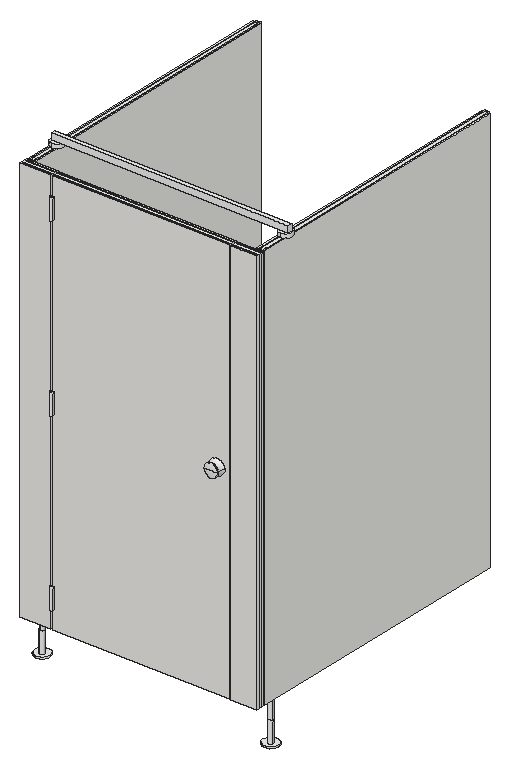
Revit family "Alsanit - Kabiny sanitarne LIFT - Sandwich", category Doors, Revit 2020
Family settings
  Work Plane-Based = No
  Always vertical = Yes
  Cut with Voids When Loaded = No
  Shared = No
  Room Calculation Point = No
Parameters (values of type "36 mm")
  Średnica wspornika górnego = 57.00 mm  # constant formula
  Średnica nóżki 3 = 70.00 mm  # constant formula
  Średnica nóżki 2 = 22.00 mm  # constant formula
  Wysokość profilu [instance] = 430.00 mm  # constant formula
  Wysokość belki wzmacniającej [instance] = if(or(Prawa strona połączona, Lewa strona połączona, Prawa strona przy ścianie, Lewa strona przy ścianie), 2000.00 mm, Wysokość modułu - 30.00 mm)  # 2000.00 mm
  Width = 0.00 mm  # constant formula
  Type Comments = "Kabiny sanitarne (ścianki giszetowe do WC)"
  Thickness = Grubość ścianki  # 36.00 mm
  Szerokość drzwi (max. 1000 mm) [instance] = 800.00 mm
  Rough Width = 0.00 mm  # constant formula
  Rough Height = 0.00 mm  # constant formula
  Prawa podpora belki widoczność [instance] = not(Prawa strona przy ścianie)  # yes
  Prawa belka odsunięcie [instance] = if(Prawa strona zamknięta, 36.00 mm, if(Prawa strona przy ścianie, 43.00 mm, 36.00 mm))  # 36.00 mm
  Podcięcie na geberit - prawe [instance] = no
  Podcięcie na geberit - prawa wartość [instance] = if([Podcięcie na geberit - prawe], Szerokość wewnętrzna modułu / 2 + 50.00 mm, 5.00 mm)  # 5.00 mm
  Podcięcie na geberit - odsunięcie poziome wartość [instance] = if([Podcięcie na geberit - odsunięcie poziome] = 0.00 mm, 5.00 mm, [Podcięcie na geberit - odsunięcie poziome])  # 5.00 mm
  Podcięcie na geberit - odsunięcie poziome [instance] = 0.00 mm
  Podcięcie na geberit - odsunięcie pionowe wartość [instance] = if([Podcięcie na geberit - odsunięcie pionowe] = 0.00 mm, 5.00 mm, [Podcięcie na geberit - odsunięcie pionowe])  # 5.00 mm
  Podcięcie na geberit - odsunięcie pionowe [instance] = 0.00 mm
  Podcięcie na geberit - lewe [instance] = no
  Podcięcie na geberit - lewa wartość [instance] = if([Podcięcie na geberit - lewe], Szerokość wewnętrzna modułu / 2 + 50.00 mm, 5.00 mm)  # 5.00 mm
  Odległość belki [instance] = if(or(Prawa strona połączona, Lewa strona połączona, Prawa strona przy ścianie), 150.00 mm, 150.00 mm)  # 150.00 mm
  Nóżka lewa [instance] = not(or(Lewa strona połączona, Lewa strona przy ścianie))  # yes
  Średnica nóżki 1 = 20.00 mm  # constant formula
  Nózka prawa [instance] = not(Prawa strona przy ścianie)  # yes
  Lewa strona belka odsunięcie [instance] = if(Lewa strona zamknięta, 36.00 mm, if(Lewa strona przy ścianie, 43.00 mm, 0.00 mm))  # 36.00 mm
  Lewa podpora belki widoczność [instance] = and(not(Lewa strona przy ścianie), not(Lewa strona połączona))  # yes
  Krótki opis = "Kabiny sanitarne ALSANIT posiadające oznaczenie CE zgodnie z parametrami systemu"
  Height = 0.00 mm  # constant formula
  Grubość profilu [instance] = 16.00 mm  # constant formula
  Function = Interior
  Film Instruktażowy = "https://youtu.be/qyrI1CfgFO4"
  Define Thermal Properties by = Schematic Type
  Construction Type = "Kabiny sanitarne"
  Belka lift widoczność [instance] = if(and((Lewa strona przy ścianie), (Prawa strona przy ścianie)), 1 = 0, 1 = 1)  # yes
  Analytic Construction = "<None>"
  Akcesoria - wzmocnienie pionowe prawe [instance] = [Odsunięcie prawej ścianki od osi (min. 60 mm)] > 399.00 mm  # no
  Akcesoria - wzmocnienie pionowe lewe [instance] = (Szerokość wewnętrzna modułu - [Szerokość drzwi (max. 1000 mm)] - [Odsunięcie prawej ścianki od osi (min. 60 mm)]) > 400.00 mm  # no
  Wysokość ścianki łączącej [instance] = Wysokość modułu  # 2030.00 mm
  Szerokość zewnętrzna modułu [instance] = 1078.00 mm
  Szerokość wewnętrzna modułu [instance] = 1000.00 mm
  Szerokość obliczona [instance] = if(and(Lewa strona przy ścianie, Prawa strona przy ścianie), Szerokość wewnętrzna modułu - 2 * (Grubość ścianki + 7.00 mm), if(or(Lewa strona przy ścianie, Prawa strona przy ścianie), Szerokość wewnętrzna modułu - Grubość ścianki - 7.00 mm, Szerokość wewnętrzna modułu))  # 1000.00 mm
  Wysokość szczeliny drzwi [instance] = 188.00 mm  # constant formula
  Wysokość modułu [instance] = 2030.00 mm  # constant formula
  Wysokość dolnej szczeliny [instance] = 188.00 mm  # constant formula
  Wysokość belek frontowych bocznych [instance] = 188.00 mm  # constant formula
  URL = "https://www.alsanit.pl/"
  Rodzaj płyt = "SP - Płyta sandwichowa"
  Prawe odsunięcie belki dolnej [instance] = if(Prawa strona przy ścianie, 30.00 mm, 0.00 mm)  # 0.00 mm
  Prawa strona niepołączona [instance] = not(Prawa strona połączona)  # yes
  Prawe odsunięcie belki wzmocnionej [instance] = 0.00 mm  # constant formula
  Model = "LIFT"
  Manufacturer = "Alsanit"
  Lewe odsunięcie belki dolnej [instance] = if(Lewa strona przy ścianie, 30.00 mm, 0.00 mm)  # 0.00 mm
  Lewa strona niepołączona [instance] = not(Lewa strona połączona)  # yes
  Głębokość modułu (max. 1600 mm) [instance] = 1290.00 mm
  Głębokość modułu [instance] = if([Głębokość modułu (max. 1600 mm)] > 1500.00 mm, 1600.00 mm, [Głębokość modułu (max. 1600 mm)])  # 1290.00 mm
  Description = "Kabiny sanitarne to idealna kombinacja trwałości i estetyki w najnowszej cenie. Ze względu na estetyczność zastosowań jest najchętniej kupowanym systemem kabin sanitarnych w Polsce."
  Autor = "www.archispace.pl"
  Orientacja - na zewnątrz [instance] = not([Orientacja - do wewnątrz])  # yes
  Orientacja - do wewnątrz [instance] = no
  Wysokość drzwi [instance] = Wysokość modułu  # 2030.00 mm
  Ścianka łącząca [instance] = not(Prawa strona przy ścianie)  # yes
  Szerokość drzwi [instance] = if([Szerokość drzwi (max. 1000 mm)] > 1000.00 mm, 1000.00 mm, [Szerokość drzwi (max. 1000 mm)])  # 800.00 mm
  Prawe odsunięcie osi [instance] = if(Prawa strona zamknięta, Grubość ścianki / 2 + 3.00 mm, if(Prawa strona przy ścianie, Grubość ścianki / 2 + 7.00 mm, 0.00 mm))  # 21.00 mm
  Prawa strona zamknięta typ = Rodzaj połączenia : Zamknięta
  Prawa strona zamknięta [instance] = [Połączenie - prawa strona] = Prawa strona zamknięta typ  # yes
  Prawa strona przy ścianie typ = Rodzaj połączenia : Przy ścianie
  Prawa strona przy ścianie [instance] = [Połączenie - prawa strona] = Prawa strona przy ścianie typ  # no
  Prawa strona połączona typ = Rodzaj połączenia : Połączona
  Prawa strona połączona [instance] = [Połączenie - prawa strona] = Prawa strona połączona typ  # no
  Prawe odsunięcie osi panelu [instance] = if(Prawa strona przy ścianie, 10.00 mm, if(Prawa strona połączona, 0.00 mm, 3.00 mm))  # 3.00 mm
  Odsunięcie prawej ścianki od osi (min. 60 mm) [instance] = 100.00 mm
  Połączenie - prawa strona [instance] = Rodzaj połączenia : Zamknięta
  Orientacja - odbij lustrzanie [instance] = no
  Materiał płyt = Alsanit - SANDWICH - Biały 9016
  Materiał okuć = Alsanit - Aluminium
  Materiał wsporników = Alsanit - Aluminium
  Materiał belek = Alsanit - Aluminium
  Lewe odsunięcie osi panelu [instance] = if(Lewa strona przy ścianie, 10.00 mm, if(Lewa strona połączona, 0.00 mm, 3.00 mm))  # 3.00 mm
  Lewe odsunięcie osi [instance] = if(Lewa strona zamknięta, Grubość ścianki / 2 + 3.00 mm, if(Lewa strona przy ścianie, Grubość ścianki / 2 + 7.00 mm, 0.00 mm))  # 21.00 mm
  Lewa strona zamknięta typ = Rodzaj połączenia : Zamknięta
  Lewa strona zamknięta [instance] = [Połączenie - lewa strona] = Lewa strona zamknięta typ  # yes
  Lewa strona przy ścianie typ = Rodzaj połączenia : Przy ścianie
  Lewa strona przy ścianie [instance] = [Połączenie - lewa strona] = Lewa strona przy ścianie typ  # no
  Lewa strona połączona typ = Rodzaj połączenia : Połączona
  Lewa strona połączona [instance] = [Połączenie - lewa strona] = Lewa strona połączona typ  # no
  Odsunięcie lewej ścianki od osi (min. 60 mm) [instance] = 122.00 mm
  Połączenie - lewa strona [instance] = Rodzaj połączenia : Zamknięta
  Grubość ścianki = 36.00 mm
  Default Elevation = 0.00 mm
  Orientacja - bez odbicia [instance] = not([Orientacja - odbij lustrzanie])  # yes
Reference planes
  plane 1 "Center (Front/Back)": y = 0
  plane 2: z = 0
  plane 3 "Center (Left/Right)": x = 0
  plane 4: x = -500
  plane 5: x = 500
  plane 6: x = 518
  plane 7: x = 536
  plane 8: x = -518
  plane 9: x = -536
  plane 10: y = -1290
  plane 11: y = -1326
  plane 12: y = -10
  plane 13: y = -1284
  plane 14: y = -1308
  plane 15 "Lewa oś wstawienia": x = -539
  plane 16 "Prawa oś wstawienia": x = 539
  plane 17: y = -1224.5
  plane 18: x = 418
  plane 19: x = 411
  plane 20: x = -389
  plane 21: x = -396
  plane 22 "Prawe odsunięcie osi panelu": x = 536
  plane 23 "Lewe odsunięcie osi panelu": x = -536
  plane 24: x = 11
  plane 25: x = -412.5
  plane 26: x = 434.5
  plane 27: z = 188
  plane 28 "Wysokość modułu": z = 2030
  plane 29 "Odsunięcie górne ścianek frontowych": z = 2030
  plane 30: y = -1288.5
  plane 31: x = -539
  plane 32: x = 539
  plane 33: z = 100
  plane 34: z = 243.5
  plane 35: z = 2000
  plane 36: z = 188
  plane 37: x = -539
  plane 38: x = 539
  plane 39: z = 188
  plane 40: z = 2030
  plane 41: z = 2000
  plane 42: z = 2030
  plane 43: z = 2030
  plane 44: z = 2030
  plane 45: z = 2030
  plane 46: x = 608
  plane 47: x = -586
  plane 48: z = 2035
  plane 49: z = 2030
  plane 50: z = 2000
  plane 51: z = 2000
  plane 52: z = 2000
  plane 53: z = 2000
  plane 54: x = -604
  plane 55: x = -568
  plane 56: x = 590
  plane 57: x = 626
  plane 58: x = -5
  plane 59: x = 5
  plane 60: z = 5
  plane 61: y = -5
  plane 62: z = 5
  plane 63: y = -5
  plane 64: y = -1140
  plane 65: z = 5
  plane 66: z = 2505
  plane 67: x = -536
  plane 68: x = 536
  plane 69: z = 2602
  plane 70: z = 2000
  plane 71: y = -1317
  plane 72: y = -1299
  plane 73: x = -527
  plane 74: x = -509
  plane 75: x = 509
  plane 76: x = 527
  plane 77: z = 2218
  plane 78: z = 2223
  plane 79: z = 2035
  plane 80: z = 2030
  plane 81: z = 2045
  plane 82: y = -1147
Forms (mm)
  Sweep 1, solid, material "Alsanit - SANDWICH - Biały 9016" <- "Materiał płyt", visible <- "Ścianka łącząca"
    path origin (0, 0, 0) x (1, 0, 0) y (0, 0, 1)
      loop
        line (518, 188) -> (518, 2030)
    profile origin (518, 0, 1109) x (-1, 0, 0) y (0, -1, 0)
      loop
        line (18, 10) -> (18, 1284) -> (9, 1284) -> (9, 10) -> (18, 10)
  Sweep 2, solid, material "Alsanit - SANDWICH - Biały 9016" <- "Materiał płyt", visible <- "Lewa strona zamknięta"
    path origin (0, 0, 0) x (-1, 0, 0) y (0, 0, 1)
      loop
        line (518, 188) -> (518, 2030)
    profile origin (-518, 0, 1109) x (-1, 0, 0) y (0, -1, 0)
      loop
        line (9, 10) -> (18, 10) -> (18, 1284) -> (9, 1284) -> (9, 10)
  Sweep 3, solid, material "Alsanit - Aluminium" <- "Materiał belek", visible <- "Ścianka łącząca", detail levels medium+fine
    path origin (0, 0, 0) x (1, 0, 0) y (0, 0, 1)
      loop
        line (518, 2030) -> (518, 188)
    profile "U-profile : U-profile wall" origin (518, 0, 1109) x (1, 0, 0) y (0, -1, 0)
      loop
        line (9.5, 0) -> (9.5, 30) -> (8, 30) -> (8, 1.5) -> (-8, 1.5) -> (-8, 30) -> (-9.5, 30) -> (-9.5, 0) -> (9.5, 0)
  Sweep 4, solid, material "Alsanit - Aluminium" <- "Materiał belek", visible <- "Lewa strona zamknięta", detail levels medium+fine
    path origin (0, 0, 0) x (-1, 0, 0) y (0, 0, 1)
      loop
        line (518, 2030) -> (518, 188)
    profile "U-profile : U-profile wall" origin (-518, 0, 1109) x (1, 0, 0) y (0, -1, 0)
      loop
        line (9.5, 0) -> (9.5, 30) -> (8, 30) -> (8, 1.5) -> (-8, 1.5) -> (-8, 30) -> (-9.5, 30) -> (-9.5, 0) -> (9.5, 0)
  Sweep 5, solid, material "Alsanit - Aluminium" <- "Materiał belek", visible <- "Lewa strona zamknięta", detail levels medium+fine
    path origin (673.537, -1290, 1200) x (1, 0, 0) y (0, 0, 1)
      loop
        line (-1191.537, 830) -> (-1191.537, -1012)
    profile "U-profile : U-profile wall" origin (-518, -1290, 1109) x (1, 0, 0) y (0, -1, 0)
      loop
        line (-9.5, 0) -> (-9.5, -30) -> (-8, -30) -> (-8, -1.5) -> (8, -1.5) -> (8, -30) -> (9.5, -30) -> (9.5, 0) -> (-9.5, 0)
  Sweep 6, solid, material "Alsanit - Aluminium" <- "Materiał belek", visible <- "Ścianka łącząca", detail levels medium+fine
    path origin (673.537, -1290, 1200) x (1, 0, 0) y (0, 0, 1)
      loop
        line (-155.537, 830) -> (-155.537, -1012)
    profile "U-profile : U-profile wall" origin (518, -1290, 1109) x (1, 0, 0) y (0, -1, 0)
      loop
        line (-9.5, 0) -> (-9.5, -30) -> (-8, -30) -> (-8, -1.5) -> (8, -1.5) -> (8, -30) -> (9.5, -30) -> (9.5, 0) -> (-9.5, 0)
  Extrusion 7, solid, material "Alsanit - SANDWICH - Biały 9016" <- "Materiał płyt", detail levels medium+fine
    sketch origin (0, 0, 0) x (1, 0, 0) y (0, 1, 0)
      loop
        line (-396, -1326) -> (-396, -1317) -> (-536, -1317) -> (-536, -1326) -> (-396, -1326)
    from 188 to 2030
  Extrusion 8, solid, material "Alsanit - SANDWICH - Biały 9016" <- "Materiał płyt", detail levels medium+fine
    sketch origin (0, 0, 0) x (-1, 0, 0) y (0, -1, 0)
      loop
        line (-536, 1326) -> (-536, 1317) -> (-418, 1317) -> (-418, 1326) -> (-536, 1326)
    from 188 to 2030
  Sweep 9, solid, material "Alsanit - Aluminium" <- "Materiał belek", visible <- "Lewa strona przy ścianie", detail levels medium+fine
    path origin (-771.956, -1308, 1200) x (-1, 0, 0) y (0, 0, 1)
      loop
        line (-232.956, -1012) -> (-232.956, 800)
    profile "U-profile : U-profile wall" origin (-539, -1308, 1094) x (1, 0, 0) y (0, 1, 0)
      loop
        line (0, -9.5) -> (30, -9.5) -> (30, -8) -> (1.5, -8) -> (1.5, 8) -> (30, 8) -> (30, 9.5) -> (0, 9.5) -> (0, -9.5)
  Sweep 10, solid, material "Alsanit - Aluminium" <- "Materiał belek", visible <- "Prawa strona przy ścianie", detail levels medium+fine
    path origin (771.956, -1308, 1200) x (1, 0, 0) y (0, 0, -1)
      loop
        line (-232.956, 1012) -> (-232.956, -830)
    profile "U-profile : U-profile wall" origin (539, -1308, 1109) x (1, 0, 0) y (0, 1, 0)
      loop
        line (0, 9.5) -> (-30, 9.5) -> (-30, 8) -> (-1.5, 8) -> (-1.5, -8) -> (-30, -8) -> (-30, -9.5) -> (0, -9.5) -> (0, 9.5)
  Extrusion 11, solid, material "Alsanit - SANDWICH - Biały 9016" <- "Materiał płyt", detail levels coarse
    sketch origin (0, 0, 0) x (1, 0, 0) y (0, 1, 0)
      loop
        line (-539, -1290) -> (-539, -1326) -> (539, -1326) -> (539, -1290) -> (-539, -1290)
    from 188 to 2030
  Sweep 12, solid, material "Alsanit - Aluminium" <- "Materiał belek", not visible, detail levels medium+fine
    path origin (-771.956, -1308, 4200) x (-1, 0, 0) y (0, 0, 1)
      loop
        line (-232.956, -2170) -> (-1310.956, -2170)
    profile "U-profile : U-profile wall" origin (0, -1308, 2030) x (0, 0, -1) y (0, 1, 0)
      loop
        line (0, -9.5) -> (30, -9.5) -> (30, -8) -> (1.5, -8) -> (1.5, 8) -> (30, 8) -> (30, 9.5) -> (0, 9.5) -> (0, -9.5)
  Sweep 13, solid, material "Alsanit - SANDWICH - Biały 9016" <- "Materiał płyt", visible <- "Akcesoria - wzmocnienie pionowe prawe", detail levels medium+fine
    path origin (-771.956, -1308, 1200) x (-1, 0, 0) y (0, 0, 1)
      loop
        line (-1379.956, -1012) -> (-1379.956, 800)
    profile origin (608, -1308, 1094) x (1, 0, 0) y (0, 1, 0)
      loop
        line (-18, 24) -> (18, 24) -> (18, 119) -> (-18, 119) -> (-18, 24)
  Sweep 14, solid, material "Alsanit - Aluminium" <- "Materiał belek", visible <- "Akcesoria - wzmocnienie pionowe prawe", detail levels medium+fine
    path origin (673.537, -1290, 1200) x (1, 0, 0) y (0, 0, 1)
      loop
        line (-65.537, -1012) -> (-65.537, 800)
    profile "U-profile : U-profile wall" origin (608, -1290, 1094) x (-1, 0, 0) y (0, -1, 0)
      loop
        line (-9.5, 0) -> (-9.5, -30) -> (-8, -30) -> (-8, -1.5) -> (8, -1.5) -> (8, -30) -> (9.5, -30) -> (9.5, 0) -> (-9.5, 0)
  Sweep 15, solid, material "Alsanit - SANDWICH - Biały 9016" <- "Materiał płyt", visible <- "Akcesoria - wzmocnienie pionowe lewe", detail levels medium+fine
    path origin (1162.956, -1308, 1200) x (1, 0, 0) y (0, 0, -1)
      loop
        line (-1748.956, 1012) -> (-1748.956, -800)
    profile origin (-586, -1308, 1094) x (1, 0, 0) y (0, 1, 0)
      loop
        line (18, 24) -> (18, 119) -> (-18, 119) -> (-18, 24) -> (18, 24)
  Sweep 16, solid, material "Alsanit - Aluminium" <- "Materiał belek", visible <- "Akcesoria - wzmocnienie pionowe lewe", detail levels medium+fine
    path origin (673.537, -1290, 1200) x (1, 0, 0) y (0, 0, 1)
      loop
        line (-1259.537, -1012) -> (-1259.537, 800)
    profile "U-profile : U-profile wall" origin (-586, -1290, 1094) x (-1, 0, 0) y (0, -1, 0)
      loop
        line (9.5, 0) -> (-9.5, 0) -> (-9.5, -30) -> (-8, -30) -> (-8, -1.5) -> (8, -1.5) -> (8, -30) -> (9.5, -30) -> (9.5, 0)
  Sweep 17, solid, material "Alsanit - Aluminium" <- "Materiał belek", not visible
    path origin (0, -160, 0) x (1, 0, 0) y (0, 1, 0)
      loop
        line (-539, -1148) -> (539, -1148)
    profile origin (0, -1308, 0) x (0, 1, 0) y (0, 0, 1)
      loop
        line (-18, 2000) -> (-18, 2010.006) -> (18, 2010.006) -> (18, 2000.02) -> (22.963, 2000.02)
        arc (22.963, 2000.02) -> (24.436, 2000.677) -> (24.932, 2002.212) r 1.98
        arc (24.932, 2002.212) -> (26.596, 2020.985) -> (21.301, 2039.072) r 50.788
        arc (21.301, 2039.072) -> (20.681, 2039.452) -> (19.965, 2039.584) r 2
        line (19.965, 2039.584) -> (19.002, 2039.584) -> (19.002, 2038.184) -> (20.303, 2038.184)
        arc (20.303, 2038.184) -> (24.641, 2025.444) -> (25.387, 2012.006) r 49.497
        line (25.387, 2012.006) -> (-17.028, 2012.006) -> (-17.028, 2032.006) -> (-29.863, 2032.006)
        arc (-29.863, 2032.006) -> (-31.103, 2031.576) -> (-31.809, 2030.469) r 2
        arc (-31.809, 2030.469) -> (-33.902, 2016.003) -> (-31.807, 2001.537) r 51.012
        arc (-31.807, 2001.537) -> (-31.101, 2000.431) -> (-29.861, 2000) r 2
        line (-29.861, 2000) -> (-18, 2000)
  Sweep 18, solid, material "Alsanit - SANDWICH - Biały 9016" <- "Materiał płyt", not visible, detail levels medium+fine
    path origin (0, 0, 0) x (1, 0, 0) y (0, 1, 0)
      loop
        line (-389, -1308) -> (411, -1308)
    profile origin (11, -1308, 0) x (0, 1, 0) y (0, 0, 1)
      loop
        line (-9, 2030) -> (-9, 2035) -> (-18, 2035) -> (-18, 2030) -> (-9, 2030)
  Extrusion 19, solid, material "Alsanit - Aluminium" <- "Materiał wsporników", visible <- "Akcesoria - wzmocnienie pionowe lewe"
    sketch origin (-83, 0, 0) x (1, 0, 0) y (0, 1, 0)
      loop
        circle (-503, -1224.5) r 7.5
    from 0 to 188
  Extrusion 20, solid, material "Alsanit - Aluminium" <- "Materiał wsporników", visible <- "Akcesoria - wzmocnienie pionowe prawe"
    sketch origin (1111, 0, 0) x (1, 0, 0) y (0, 1, 0)
      loop
        circle (-503, -1224.5) r 7.5
    from 0 to 188
  Sweep 21, void
    path origin (0, 0, 0) x (1, 0, 0) y (0, 1, 0)
      loop
        line (0, 0) -> (-5, 0)
    profile origin (-2.5, 0, 0) x (0, -1, 0) y (0, 0, 1)
      loop
        line (0, 5) -> (0, 0) -> (5, 0) -> (5, 5) -> (0, 5)
  Sweep 22, void
    path origin (0, 0, 0) x (-1, 0, 0) y (0, -1, 0)
      loop
        line (0, 0) -> (-5, 0)
    profile origin (2.5, 0, 0) x (0, 1, 0) y (0, 0, 1)
      loop
        line (0, 5) -> (-5, 5) -> (-5, 0) -> (0, 0) -> (0, 5)
  Sweep 23, solid, material "Alsanit - Aluminium" <- "Materiał wsporników", visible <- "Nóżka lewa"
    path origin (-771.956, -1308, 1200) x (-1, 0, 0) y (0, 0, 1)
      loop
        line (-253.956, -1012) -> (-253.956, -1100)
    profile origin (-518, -1308, 144) x (0, 1, 0) y (-1, 0, 0)
      loop
        circle (83.5, 0) r 10
  Sweep 24, solid, material "Alsanit - Aluminium" <- "Materiał wsporników", visible <- "Nózka prawa"
    path origin (-771.956, -1308, 1200) x (-1, 0, 0) y (0, 0, 1)
      loop
        line (-1289.956, -1100) -> (-1289.956, -1012)
    profile origin (518, -1308, 144) x (1, 0, 0) y (0, 1, 0)
      loop
        circle (0, 83.5) r 10
  Sweep 25, solid, material "Alsanit - Aluminium" <- "Materiał wsporników", visible <- "Nóżka lewa"
    path origin (-771.956, -1308, 1200) x (-1, 0, 0) y (0, 0, 1)
      loop
        line (-253.956, -1100) -> (-253.956, -1195)
    profile origin (-518, -1308, 52.5) x (0, 1, 0) y (-1, 0, 0)
      loop
        circle (83.5, 0) r 11
  Sweep 26, solid, material "Alsanit - Aluminium" <- "Materiał wsporników", visible <- "Nózka prawa"
    path origin (-771.956, -1308, 1200) x (-1, 0, 0) y (0, 0, 1)
      loop
        line (-1289.956, -1195) -> (-1289.956, -1100)
    profile origin (518, -1308, 52.5) x (1, 0, 0) y (0, 1, 0)
      loop
        circle (0, 83.5) r 11
  Sweep 27, solid, material "Alsanit - Aluminium" <- "Materiał wsporników", visible <- "Nóżka lewa"
    path origin (-771.956, -1308, 1200) x (-1, 0, 0) y (0, 0, 1)
      loop
        line (-253.956, -1200) -> (-253.956, -1195)
    profile origin (-518, -1308, 2.5) x (1, 0, 0) y (0, 1, 0)
      loop
        circle (0, 83.5) r 35
  Sweep 28, solid, material "Alsanit - Aluminium" <- "Materiał wsporników", visible <- "Nózka prawa"
    path origin (-771.956, -1308, 1200) x (-1, 0, 0) y (0, 0, 1)
      loop
        line (-1289.956, -1200) -> (-1289.956, -1195)
    profile origin (518, -1308, 2.5) x (1, 0, 0) y (0, 1, 0)
      loop
        circle (0, 83.5) r 35
  Sweep 29, solid, material "Alsanit - Aluminium" <- "Materiał belek", visible <- "Belka lift widoczność", detail levels medium+fine
    path origin (0, 0, 0) x (1, 0, 0) y (0, 1, 0)
      loop
        line (-536, -1140) -> (536, -1140)
    profile origin (0, -1140, 0) x (0, 1, 0) y (0, 0, 1)
      loop
        line (10, 2045) -> (10, 2075) -> (-10, 2075) -> (-10, 2045) -> (10, 2045)
  Extrusion 30, solid, material "Alsanit - Aluminium" <- "Materiał okuć"
    sketch origin (0, 0, 0) x (1, 0, 0) y (0, 1, 0)
      loop
        line (418, -1317) -> (536, -1317) -> (536, -1299) -> (418, -1299) -> (418, -1317)
    from 188 to 2030
  Extrusion 31, solid, material "Alsanit - SANDWICH - Biały 9016" <- "Materiał płyt"
    sketch origin (0, 0, 0) x (1, 0, 0) y (0, 1, 0)
      loop
        line (418, -1299) -> (536, -1299) -> (536, -1290) -> (418, -1290) -> (418, -1299)
    from 188 to 2030
  Extrusion 32, solid, material "Alsanit - Aluminium" <- "Materiał okuć"
    sketch origin (0, 0, 0) x (1, 0, 0) y (0, 1, 0)
      loop
        line (-536, -1317) -> (-396, -1317) -> (-396, -1299) -> (-536, -1299) -> (-536, -1317)
    from 188 to 2030
  Extrusion 33, solid, material "Alsanit - SANDWICH - Biały 9016" <- "Materiał płyt"
    sketch origin (0, 0, 0) x (1, 0, 0) y (0, 1, 0)
      loop
        line (-396, -1299) -> (-396, -1290) -> (-536, -1290) -> (-536, -1299) -> (-396, -1299)
    from 188 to 2030
  Extrusion 34, solid, material "Alsanit - Aluminium" <- "Materiał okuć", visible <- "Lewa strona zamknięta"
    sketch origin (0, 0, 0) x (1, 0, 0) y (0, 1, 0)
      loop
        line (-527, -10) -> (-527, -1284) -> (-509, -1284) -> (-509, -10) -> (-527, -10)
    from 188 to 2030
  Extrusion 35, solid, material "Alsanit - SANDWICH - Biały 9016" <- "Materiał płyt", visible <- "Lewa strona zamknięta"
    sketch origin (0, 0, 0) x (1, 0, 0) y (0, 1, 0)
      loop
        line (-509, -10) -> (-509, -1284) -> (-500, -1284) -> (-500, -10) -> (-509, -10)
    from 188 to 2030
  Sweep 36, solid, material "Alsanit - Aluminium" <- "Materiał okuć", visible <- "Ścianka łącząca"
    path origin (-771.956, -1308, 1200) x (-1, 0, 0) y (0, 0, 1)
      loop
        line (-1289.956, -1012) -> (-1289.956, 830)
    profile origin (518, -1308, 1109) x (1, 0, 0) y (0, 1, 0)
      loop
        line (-9, 1298) -> (-9, 24) -> (9, 24) -> (9, 1298) -> (-9, 1298)
  Sweep 37, solid, material "Alsanit - SANDWICH - Biały 9016" <- "Materiał płyt", visible <- "Ścianka łącząca"
    path origin (-771.956, -1308, 1200) x (-1, 0, 0) y (0, 0, 1)
      loop
        line (-1289.956, -1012) -> (-1289.956, 830)
    profile origin (518, -1308, 1109) x (1, 0, 0) y (0, 1, 0)
      loop
        line (18, 1298) -> (9, 1298) -> (9, 24) -> (18, 24) -> (18, 1298)
  Sweep 38, solid, material "Alsanit - Aluminium" <- "Materiał okuć", not visible
    path origin (0, 0, 0) x (1, 0, 0) y (0, 1, 0)
      loop
        line (411, -1308) -> (-389, -1308)
    profile origin (11, -1308, 0) x (0, -1, 0) y (0, 0, 1)
      loop
        line (9, 2030) -> (9, 2223) -> (-9, 2223) -> (-9, 2030) -> (9, 2030)
  Sweep 39, solid, material "Alsanit - SANDWICH - Biały 9016" <- "Materiał płyt", not visible
    path origin (0, 0, 0) x (1, 0, 0) y (0, 1, 0)
      loop
        line (-389, -1308) -> (411, -1308)
    profile origin (11, -1308, 0) x (0, 1, 0) y (0, 0, 1)
      loop
        line (9, 2035) -> (9, 2030) -> (18, 2030) -> (18, 2035) -> (9, 2035)
  Sweep 40, solid, material "Alsanit - Aluminium" <- "Materiał okuć", visible <- "Lewa podpora belki widoczność", detail levels medium+fine
    path origin (-412.5, -1117.282, 1200) x (0, 1, 0) y (0, 0, 1)
      loop
        line (-29.718, 830) -> (-29.718, 845)
    profile origin (-412.5, -1147, 2037.5) x (0, -1, 0) y (1, 0, 0)
      loop
        circle (-7, -105.5) r 28.5
  Sweep 41, solid, material "Alsanit - Aluminium" <- "Materiał okuć", visible <- "Prawa podpora belki widoczność", detail levels medium+fine
    path origin (-412.5, -1117.282, 1200) x (0, 1, 0) y (0, 0, 1)
      loop
        line (-29.718, 830) -> (-29.718, 845)
    profile origin (-412.5, -1147, 2037.5) x (0, -1, 0) y (1, 0, 0)
      loop
        circle (-7, 930.5) r 28.5
Cuts and joins
  Sweep 21 cuts Sweep 4
  Sweep 21 cuts Sweep 2
  Sweep 22 cuts Sweep 1
  Sweep 22 cuts Sweep 3
  joined: Sweep 23, Sweep 25, Sweep 27
  joined: Sweep 24, Sweep 26, Sweep 28
  Sweep 21 cuts Extrusion 34
  Sweep 21 cuts Extrusion 35
  Sweep 22 cuts Sweep 36
  Sweep 22 cuts Sweep 37
Lines and regions (mm)
  model lines, style "Doors", detail levels medium+fine
    curve 1: line (418, -1326, 2030) -> (418, -1326, 188)
    curve 3: line (536, -1326, 2030) -> (418, -1326, 2030)
    curve 6: line (-396, -1326, 188) -> (-396, -1326, 2030)
    curve 7: line (-396, -1326, 2030) -> (-536, -1326, 2030)
    curve 10: line (-396, -1290, 188) -> (-396, -1326, 188)
    curve 11: line (418, -1290, 188) -> (418, -1326, 188)
    curve 14: line (-396, -1290, 2030) -> (-396, -1326, 2030)
    curve 15: line (418, -1290, 2030) -> (418, -1326, 2030)
    curve 17: line (418, -1290, 2030) -> (418, -1290, 188)
    curve 19: line (536, -1290, 2030) -> (418, -1290, 2030)
    curve 20: line (418, -1290, 188) -> (536, -1290, 188)
    curve 22: line (-396, -1290, 188) -> (-396, -1290, 2030)
    curve 23: line (-396, -1290, 2030) -> (-536, -1290, 2030)
    curve 24: line (-536, -1290, 188) -> (-396, -1290, 188)
  model lines, style "Doors", visible <- "Prawa strona niepołączona", detail levels medium+fine
    curve 2: line (536, -1326, 188) -> (536, -1326, 2030)
    curve 12: line (536, -1290, 188) -> (536, -1326, 188)
    curve 16: line (536, -1290, 2030) -> (536, -1326, 2030)
    curve 18: line (536, -1290, 188) -> (536, -1290, 2030)
  model lines, style "Doors"
    curve 4: line (418, -1326, 188) -> (536, -1326, 188)
    curve 8: line (-536, -1326, 188) -> (-396, -1326, 188)
  model lines, style "Doors", visible <- "Lewa strona niepołączona", detail levels medium+fine
    curve 5: line (-536, -1326, 2030) -> (-536, -1326, 188)
    curve 9: line (-536, -1290, 188) -> (-536, -1326, 188)
    curve 13: line (-536, -1290, 2030) -> (-536, -1326, 2030)
    curve 21: line (-536, -1290, 2030) -> (-536, -1290, 188)
Dimensions and locks
  equal spacing: plane 5, plane 6, plane 7
  "Grubość ścianki": plane 5 to plane 7
  equal spacing: plane 9, plane 8, plane 4
  "Grubość ścianki": plane 9 to plane 4
  "Głębokość modułu": plane 10 to plane 1 "Center (Front/Back)"
  "Grubość ścianki": plane 11 to plane 10
  locked: plane 12 to plane 1 "Center (Front/Back)" at 10
  locked: plane 10 to plane 13 at 6
  equal spacing: plane 10, plane 14, plane 11
  equal spacing: plane 4, plane 3 "Center (Left/Right)", plane 5
  "Szerokość obliczona": plane 4 to plane 5
  "Lewe odsunięcie osi": plane 15 "Lewa oś wstawienia" to plane 8
  "Prawe odsunięcie osi": plane 6 to plane 16 "Prawa oś wstawienia"
  locked: plane 10 to plane 17 at 65.5
  locked: plane 19 to plane 18 at 7
  locked: plane 21 to plane 20 at 7
  "Szerokość drzwi": plane 20 to plane 19
  equal spacing: plane 20, plane 24, plane 19
  locked: plane 25 to plane 20 at 23.5
  locked: plane 19 to plane 26 at 23.5
  "Odsunięcie prawej ścianki od osi (min. 60 mm)": plane 18 to plane 6
  "Odsunięcie lewej ścianki od osi (min. 60 mm)": plane 8 to plane 21
  "Wysokość modułu": plane 28 "Wysokość modułu" to plane 2
  locked: plane 10 to plane 30 at 1.5
  "Wysokość dolnej szczeliny": plane 27 to level
  locked: plane 33 to plane 2 at 100
  plane 31 to plane 4 = 39.00 mm
  "Prawe odsunięcie belki wzmocnionej": plane 32 to plane 16 "Prawa oś wstawienia"
  locked: plane 34 to plane 27 at 55.5
  locked: plane 28 "Wysokość modułu" to plane 35 at 30
  "Lewe odsunięcie osi panelu": plane 15 "Lewa oś wstawienia" to plane 23 "Lewe odsunięcie osi panelu"
  "Prawe odsunięcie osi panelu": plane 22 "Prawe odsunięcie osi panelu" to plane 16 "Prawa oś wstawienia"
  plane 36 to plane 27 = 0.00 mm
  "Lewe odsunięcie belki dolnej": plane 15 "Lewa oś wstawienia" to plane 37
  "Prawe odsunięcie belki dolnej": plane 38 to plane 16 "Prawa oś wstawienia"
  "Wysokość belek frontowych bocznych": plane 39 to plane 2
  "Wysokość ścianki łączącej": plane 40 to level
  locked: plane 28 "Wysokość modułu" to plane 42
  plane 28 "Wysokość modułu" to plane 29 "Odsunięcie górne ścianek frontowych" = 0.00 mm
  plane 40 to plane 43 = 0.00 mm
  plane 40 to plane 44 = 0.00 mm
  "Szerokość zewnętrzna modułu": plane 15 "Lewa oś wstawienia" to plane 16 "Prawa oś wstawienia"
  locked: plane 18 to plane 46 at 190
  locked: plane 47 to plane 21 at 190
  plane 20 to plane 21 = 7.00 mm
  "Wysokość drzwi": plane 49 to level
  locked: plane 48 to plane 49 at 5
  locked: plane 50 to plane 2 at 2000
  locked: plane 52 to level at 2000
  locked: plane 53 to level at 2000
  equal spacing: plane 54, plane 47, plane 55
  "Grubość ścianki": plane 54 to plane 55
  equal spacing: plane 56, plane 46, plane 57
  "Grubość ścianki": plane 56 to plane 57
  "Podcięcie na geberit - lewa wartość": plane 58 to plane 3 "Center (Left/Right)"
  "Podcięcie na geberit - prawa wartość": plane 3 "Center (Left/Right)" to plane 59
  "Podcięcie na geberit - odsunięcie poziome wartość": plane 1 "Center (Front/Back)" to plane 61
  "Podcięcie na geberit - odsunięcie pionowe wartość": plane 60 to level
  "Podcięcie na geberit - odsunięcie pionowe wartość": plane 62 to level
  "Podcięcie na geberit - odsunięcie poziome wartość": plane 1 "Center (Front/Back)" to plane 63
  "Odległość belki": plane 10 to plane 64
  equal spacing: Sweep 23 sketch curve, plane 17, Sweep 23 sketch curve
  equal spacing: Sweep 23 sketch curve, plane 8, Sweep 23 sketch curve
  equal spacing: Sweep 24 sketch curve, plane 6, Sweep 24 sketch curve
  equal spacing: Sweep 24 sketch curve, plane 17, Sweep 24 sketch curve
  locked: plane 65 to level at 5
  equal spacing: Sweep 25 sketch curve, plane 17, Sweep 25 sketch curve
  equal spacing: Sweep 25 sketch curve, plane 8, Sweep 25 sketch curve
  equal spacing: Sweep 26 sketch curve, plane 17, Sweep 26 sketch curve
  equal spacing: Sweep 26 sketch curve, plane 6, Sweep 26 sketch curve
  equal spacing: Sweep 27 sketch curve, plane 17, Sweep 27 sketch curve
  equal spacing: Sweep 27 sketch curve, plane 8, Sweep 27 sketch curve
  equal spacing: Sweep 28 sketch curve, plane 17, Sweep 28 sketch curve
  equal spacing: Sweep 28 sketch curve, plane 6, Sweep 28 sketch curve
  equal spacing: Sweep 29 sketch curve, plane 64, Sweep 29 sketch curve
  locked: Sweep 29 sketch curve to Sweep 29 sketch curve at 20
  locked: Sweep 29 sketch curve to Sweep 29 sketch curve at 30
  plane 69 to plane 2 = 2602.00 mm
  "Lewa strona belka odsunięcie": plane 67 to plane 4
  "Prawa belka odsunięcie": plane 5 to plane 68
  "Wysokość belki wzmacniającej": plane 70 to level
  plane 15 "Lewa oś wstawienia" to plane 16 "Prawa oś wstawienia" = 1078.00 mm
  plane 15 "Lewa oś wstawienia" to plane 23 "Lewe odsunięcie osi panelu" = 3.00 mm
  locked: plane 45 to plane 40
  locked: plane 41 to plane 35
  equal spacing: plane 14, plane 71, plane 11
  equal spacing: plane 10, plane 72, plane 14
  equal spacing: plane 5, plane 75, plane 6
  equal spacing: plane 6, plane 76, plane 7
  equal spacing: plane 9, plane 73, plane 8
  equal spacing: plane 8, plane 74, plane 4
  locked: plane 78 to plane 77 at 5
  "Wysokość drzwi": plane 77 to plane 39
  locked: plane 80 to plane 79 at 5
  "Wysokość drzwi": level to plane 80
  plane 10 to Extrusion 31 = 9.00 mm
  "Wysokość profilu": plane 66 to Sweep 29 sketch curve
  locked: plane 81 to plane 29 "Odsunięcie górne ścianek frontowych" at 15
  locked: plane 82 to plane 71 at 170
  equal spacing: Sweep 40 sketch curve, plane 64, Sweep 40 sketch curve
  equal spacing: Sweep 40 sketch curve, plane 8, Sweep 40 sketch curve
  equal spacing: Sweep 41 sketch curve, plane 64, Sweep 41 sketch curve
  equal spacing: Sweep 41 sketch curve, plane 6, Sweep 41 sketch curve
  "Średnica nóżki 1": diameter of Sweep 23 sketch curve
  "Średnica nóżki 1": diameter of Sweep 24 sketch curve
  "Średnica nóżki 2": diameter of Sweep 25 sketch curve
  "Średnica nóżki 2": diameter of Sweep 26 sketch curve
  "Średnica nóżki 3": diameter of Sweep 27 sketch curve
  "Średnica nóżki 3": diameter of Sweep 28 sketch curve
  "Średnica wspornika górnego": diameter of Sweep 40 sketch curve
  "Średnica wspornika górnego": diameter of Sweep 41 sketch curve
  aligned and locked: level to plane 2
  aligned and locked: plane 5 to Sweep 1 sketch curve
  aligned and locked: Sweep 1 sketch curve to plane 13
  aligned and locked: plane 12 to Sweep 1 sketch curve
  aligned and locked: Sweep 2 sketch curve to plane 12
  aligned and locked: plane 9 to Sweep 2 sketch curve
  aligned and locked: plane 13 to Sweep 2 sketch curve
  aligned and locked: plane 6 to Sweep 3 sketch curve
  aligned and locked: Sweep 4 sketch curve to plane 8
  aligned and locked: Sweep 1 sketch curve to plane 6
  aligned and locked: plane 8 to Sweep 2 sketch curve
  aligned and locked: plane 10 to nested 1
  aligned and locked: nested 2 to nested 1
  aligned and locked: nested 2 to plane 10
  aligned and locked: nested 1 to plane 24
  aligned and locked: nested 2 to level
  aligned and locked: level to nested 1
  aligned and locked: plane 10 to Extrusion 11 sketch curve
  aligned and locked: plane 11 to Extrusion 11 sketch curve
  aligned and locked: plane 15 "Lewa oś wstawienia" to Extrusion 11 sketch curve
  aligned and locked: Extrusion 11 sketch curve to plane 16 "Prawa oś wstawienia"
  aligned and locked: Extrusion 7 to plane 27
  aligned and locked: Extrusion 8 to plane 27
  aligned and locked: curve 1 to plane 18
  aligned and locked: plane 18 to curve 4
  aligned and locked: curve 4 to plane 27
  aligned and locked: plane 27 to curve 2
  aligned and locked: plane 22 "Prawe odsunięcie osi panelu" to curve 2
  aligned and locked: plane 22 "Prawe odsunięcie osi panelu" to curve 3
  aligned and locked: curve 8 to plane 27
  aligned and locked: plane 23 "Lewe odsunięcie osi panelu" to curve 5
  aligned and locked: plane 21 to curve 6
  aligned and locked: plane 11 to curve 9
  aligned and locked: plane 10 to curve 9
  aligned and locked: curve 10 to plane 21
  aligned and locked: plane 11 to curve 10
  aligned and locked: plane 10 to curve 10
  aligned and locked: curve 11 to plane 18
  aligned and locked: plane 10 to curve 11
  aligned and locked: plane 11 to curve 11
  aligned and locked: plane 10 to curve 12
  aligned and locked: plane 11 to curve 12
  aligned and locked: curve 12 to plane 22 "Prawe odsunięcie osi panelu"
  aligned and locked: plane 10 to curve 13
  aligned and locked: plane 11 to curve 13
  aligned and locked: plane 11 to curve 14
  aligned and locked: plane 10 to curve 14
  aligned and locked: curve 14 to plane 21
  aligned and locked: plane 11 to curve 15
  aligned and locked: plane 10 to curve 15
  aligned and locked: curve 15 to plane 18
  aligned and locked: plane 10 to curve 16
  aligned and locked: plane 11 to curve 16
  aligned and locked: curve 16 to plane 22 "Prawe odsunięcie osi panelu"
  aligned and locked: plane 23 "Lewe odsunięcie osi panelu" to curve 13
  aligned and locked: plane 23 "Lewe odsunięcie osi panelu" to curve 9
  aligned and locked: Extrusion 11 to plane 28 "Wysokość modułu"
  aligned and locked: plane 16 "Prawa oś wstawienia" to Sweep 10 sketch curve
  aligned and locked: plane 15 "Lewa oś wstawienia" to Sweep 9 sketch curve
  aligned and locked: plane 6 to Sweep 6 sketch curve
  aligned and locked: Extrusion 7 to plane 29 "Odsunięcie górne ścianek frontowych"
  aligned and locked: Extrusion 8 to plane 29 "Odsunięcie górne ścianek frontowych"
  aligned and locked: curve 23 to plane 29 "Odsunięcie górne ścianek frontowych"
  aligned and locked: curve 7 to plane 29 "Odsunięcie górne ścianek frontowych"
  aligned and locked: curve 3 to plane 29 "Odsunięcie górne ścianek frontowych"
  aligned and locked: curve 19 to plane 29 "Odsunięcie górne ścianek frontowych"
  aligned and locked: plane 27 to Sweep 1 sketch curve
  aligned and locked: plane 27 to Sweep 2 sketch curve
  aligned and locked: Sweep 12 sketch curve to plane 28 "Wysokość modułu"
  aligned and locked: plane 15 "Lewa oś wstawienia" to Sweep 12 sketch curve
  aligned and locked: plane 16 "Prawa oś wstawienia" to Sweep 12 sketch curve
  aligned and locked: Extrusion 11 to plane 27
  aligned and locked: plane 23 "Lewe odsunięcie osi panelu" to curve 21
  aligned and locked: plane 22 "Prawe odsunięcie osi panelu" to curve 18
  aligned and locked: plane 39 to Sweep 9 sketch curve
  aligned and locked: Sweep 10 sketch curve to plane 39
  aligned and locked: plane 40 to Sweep 1 sketch curve
  aligned and locked: plane 41 to Sweep 9 sketch curve
  aligned and locked: plane 42 to Sweep 2 sketch curve
  aligned and locked: plane 44 to Sweep 3 sketch curve
  aligned and locked: plane 45 to Sweep 10 sketch curve
  aligned and locked: Sweep 13 sketch curve to plane 46
  aligned and locked: plane 47 to Sweep 15 sketch curve
  aligned and locked: plane 47 to Sweep 16 sketch curve
  aligned and locked: plane 16 "Prawa oś wstawienia" to Sweep 17 sketch curve
  aligned and locked: plane 15 "Lewa oś wstawienia" to Sweep 17 sketch curve
  aligned and locked: Sweep 17 sketch curve to plane 14
  aligned and locked: plane 20 to Sweep 18 sketch curve
  aligned and locked: plane 19 to Sweep 18 sketch curve
  aligned and locked: Sweep 18 sketch curve to plane 14
  aligned and locked: curve 13 to Sweep 18 sketch curve
  aligned and locked: plane 11 to Sweep 18 sketch curve
  aligned and locked: plane 48 to Sweep 18 sketch curve
  aligned and locked: plane 50 to Sweep 16 sketch curve
  aligned and locked: plane 51 to Sweep 15 sketch curve
  aligned and locked: plane 52 to Sweep 14 sketch curve
  aligned and locked: plane 53 to Sweep 13 sketch curve
  aligned and locked: plane 47 to Extrusion 19 sketch curve
  aligned and locked: plane 17 to Extrusion 19 sketch curve
  aligned and locked: Sweep 15 sketch curve to plane 13
  aligned and locked: plane 13 to Sweep 13 sketch curve
  aligned and locked: plane 46 to Extrusion 20 sketch curve
  aligned and locked: plane 17 to Extrusion 20 sketch curve
  aligned and locked: plane 58 to Sweep 21 sketch curve
  aligned and locked: plane 3 "Center (Left/Right)" to Sweep 21 sketch curve
  aligned and locked: Sweep 21 sketch curve to plane 1 "Center (Front/Back)"
  aligned and locked: Sweep 21 sketch curve to plane 60
  aligned and locked: Sweep 21 sketch curve to plane 61
  aligned and locked: level to Sweep 21 sketch curve
  aligned and locked: plane 1 "Center (Front/Back)" to Sweep 21 sketch curve
  aligned and locked: Sweep 22 sketch curve to plane 62
  aligned and locked: plane 63 to Sweep 22 sketch curve
  aligned and locked: plane 3 "Center (Left/Right)" to Sweep 22 sketch curve
  aligned and locked: plane 59 to Sweep 22 sketch curve
  aligned and locked: plane 1 "Center (Front/Back)" to Sweep 22 sketch curve  (x2)
  aligned and locked: level to Sweep 22 sketch curve
  aligned and locked: plane 39 to Sweep 23 sketch curve
  aligned and locked: plane 33 to Sweep 23 sketch curve
  aligned and locked: Sweep 23 sketch curve to plane 8
  aligned and locked: plane 27 to Sweep 24 sketch curve
  aligned and locked: plane 33 to Sweep 24 sketch curve
  aligned and locked: Sweep 24 sketch curve to plane 6
  aligned and locked: plane 33 to Sweep 25 sketch curve
  aligned and locked: plane 65 to Sweep 25 sketch curve
  aligned and locked: Sweep 25 sketch curve to plane 8
  aligned and locked: plane 33 to Sweep 26 sketch curve
  aligned and locked: plane 65 to Sweep 26 sketch curve
  aligned and locked: Sweep 26 sketch curve to plane 6
  aligned and locked: plane 65 to Sweep 27 sketch curve
  aligned and locked: level to Sweep 27 sketch curve
  aligned and locked: plane 8 to Sweep 27 sketch curve
  aligned and locked: plane 65 to Sweep 28 sketch curve
  aligned and locked: level to Sweep 28 sketch curve
  aligned and locked: Sweep 28 sketch curve to plane 6
  aligned and locked: Sweep 29 sketch curve to plane 64
  aligned and locked: plane 68 to Sweep 29 sketch curve
  aligned and locked: plane 67 to Sweep 29 sketch curve
  aligned and locked: Extrusion 8 sketch curve to plane 22 "Prawe odsunięcie osi panelu"
  aligned and locked: plane 18 to Extrusion 8 sketch curve
  aligned and locked: plane 11 to Extrusion 8 sketch curve
  aligned and locked: Extrusion 8 sketch curve to plane 71
  aligned and locked: Extrusion 30 sketch curve to plane 18
  aligned and locked: plane 22 "Prawe odsunięcie osi panelu" to Extrusion 30 sketch curve
  aligned and locked: Extrusion 30 sketch curve to plane 71
  aligned and locked: Extrusion 30 sketch curve to plane 72
  aligned and locked: Extrusion 30 to plane 27
  aligned and locked: plane 22 "Prawe odsunięcie osi panelu" to Extrusion 31 sketch curve
  aligned and locked: Extrusion 31 sketch curve to plane 18
  aligned and locked: plane 72 to Extrusion 31 sketch curve
  aligned and locked: Extrusion 31 sketch curve to plane 10
  aligned and locked: Extrusion 31 to plane 27
  aligned and locked: Extrusion 7 sketch curve to plane 71
  aligned and locked: plane 11 to Extrusion 7 sketch curve
  aligned and locked: Extrusion 7 sketch curve to plane 23 "Lewe odsunięcie osi panelu"
  aligned and locked: Extrusion 7 sketch curve to plane 21
  aligned and locked: plane 21 to Extrusion 32 sketch curve
  aligned and locked: plane 23 "Lewe odsunięcie osi panelu" to Extrusion 32 sketch curve
  aligned and locked: Extrusion 32 sketch curve to plane 71
  aligned and locked: Extrusion 32 sketch curve to plane 72
  aligned and locked: Extrusion 32 to plane 27
  aligned and locked: plane 10 to Extrusion 33 sketch curve
  aligned and locked: Extrusion 33 sketch curve to plane 72
  aligned and locked: Extrusion 33 sketch curve to plane 23 "Lewe odsunięcie osi panelu"
  aligned and locked: Extrusion 33 sketch curve to plane 21
  aligned and locked: Extrusion 33 to plane 27
  aligned and locked: plane 73 to Sweep 2 sketch curve
  aligned and locked: Extrusion 34 sketch curve to plane 13
  aligned and locked: plane 74 to Extrusion 34 sketch curve
  aligned and locked: plane 73 to Extrusion 34 sketch curve
  aligned and locked: plane 12 to Extrusion 34 sketch curve
  aligned and locked: Extrusion 35 sketch curve to plane 74
  aligned and locked: Extrusion 35 sketch curve to plane 4
  aligned and locked: Extrusion 35 sketch curve to plane 13
  aligned and locked: plane 12 to Extrusion 35 sketch curve
  aligned and locked: plane 40 to Extrusion 34
  aligned and locked: Extrusion 34 to plane 39
  aligned and locked: Extrusion 35 to plane 39
  aligned and locked: plane 40 to Extrusion 35
  aligned and locked: Sweep 1 sketch curve to plane 75
  aligned and locked: plane 40 to Sweep 36 sketch curve
  aligned and locked: Sweep 36 sketch curve to plane 6
  aligned and locked: plane 27 to Sweep 36 sketch curve
  aligned and locked: plane 75 to Sweep 36 sketch curve
  aligned and locked: Sweep 36 sketch curve to plane 13
  aligned and locked: plane 76 to Sweep 36 sketch curve
  aligned and locked: plane 12 to Sweep 36 sketch curve
  aligned and locked: plane 40 to Sweep 37 sketch curve
  aligned and locked: Sweep 37 sketch curve to plane 6
  aligned and locked: plane 27 to Sweep 37 sketch curve
  aligned and locked: plane 76 to Sweep 37 sketch curve
  aligned and locked: plane 13 to Sweep 37 sketch curve
  aligned and locked: plane 7 to Sweep 37 sketch curve
  aligned and locked: Sweep 37 sketch curve to plane 12
  aligned and locked: plane 71 to Sweep 18 sketch curve
  aligned and locked: plane 14 to Sweep 38 sketch curve
  aligned and locked: plane 20 to Sweep 38 sketch curve
  aligned and locked: plane 19 to Sweep 38 sketch curve
  aligned and locked: plane 78 to Sweep 38 sketch curve
  aligned and locked: plane 72 to Sweep 38 sketch curve
  aligned and locked: plane 71 to Sweep 38 sketch curve
  aligned and locked: plane 19 to Sweep 39 sketch curve
  aligned and locked: plane 20 to Sweep 39 sketch curve
  aligned and locked: Sweep 39 sketch curve to plane 14
  aligned and locked: Sweep 39 sketch curve to plane 79
  aligned and locked: Sweep 39 sketch curve to plane 72
  aligned and locked: plane 10 to Sweep 39 sketch curve
  aligned and locked: plane 40 to Sweep 6 sketch curve
  aligned and locked: Extrusion 11 to Sweep 4 sketch curve
  aligned and locked: Extrusion 11 to Sweep 6 sketch curve
  aligned and locked: Extrusion 11 to Sweep 5 sketch curve
  aligned and locked: Extrusion 11 to Sweep 3 sketch curve
  aligned and locked: plane 29 "Odsunięcie górne ścianek frontowych" to Sweep 38 sketch curve
  aligned and locked: plane 29 "Odsunięcie górne ścianek frontowych" to Extrusion 30
  aligned and locked: plane 29 "Odsunięcie górne ścianek frontowych" to Extrusion 31
  aligned and locked: plane 29 "Odsunięcie górne ścianek frontowych" to Sweep 39 sketch curve
  aligned and locked: plane 29 "Odsunięcie górne ścianek frontowych" to Extrusion 32
  aligned and locked: plane 29 "Odsunięcie górne ścianek frontowych" to Extrusion 33
  aligned and locked: plane 40 to Sweep 5 sketch curve
  aligned and locked: plane 40 to Sweep 4 sketch curve
  aligned and locked: plane 29 "Odsunięcie górne ścianek frontowych" to Sweep 40 sketch curve
  aligned and locked: plane 81 to Sweep 40 sketch curve
  aligned and locked: plane 82 to Sweep 40 sketch curve
  aligned and locked: plane 81 to Sweep 41 sketch curve
  aligned and locked: plane 29 "Odsunięcie górne ścianek frontowych" to Sweep 41 sketch curve
  aligned and locked: plane 82 to Sweep 41 sketch curve
Automatic sketch dimensions
  curve 22 to plane 21 = 0.00 mm
  curve 20 to plane 18 = 0.00 mm
  curve 24 to plane 27 = 0.00 mm
  curve 17 to plane 27 = 0.00 mm
  Sweep 13 sketch curve to plane 27 = 0.00 mm
  plane 46 to Sweep 14 sketch curve = 0.00 mm
  Sweep 14 sketch curve to plane 27 = 0.00 mm
  Sweep 15 sketch curve to plane 27 = 0.00 mm
  Sweep 16 sketch curve to plane 27 = 0.00 mm
  Sweep 17 sketch curve to Sweep 17 sketch curve = 0.00 mm  (x3)
  Sweep 17 sketch curve to Sweep 17 sketch curve = 5.948 mm
  Sweep 17 sketch curve to Sweep 17 sketch curve = 11.861 mm
  Sweep 17 sketch curve to Sweep 17 sketch curve = 5.916 mm
  Sweep 17 sketch curve to Sweep 17 sketch curve = 0.972 mm
  Sweep 17 sketch curve to profile plane = 19.002 mm
  Sweep 17 sketch curve to Sweep 17 sketch curve = 0.963 mm
  Sweep 17 sketch curve to Sweep 17 sketch curve = 0.89 mm
  Sweep 17 sketch curve to Sweep 17 sketch curve = 0.337 mm
  Sweep 17 sketch curve to Sweep 17 sketch curve = 4.963 mm
  Sweep 17 sketch curve to Sweep 17 sketch curve = 7.387 mm
  plane 2 to Sweep 17 sketch curve = 2000.00 mm
  Sweep 17 sketch curve to Sweep 17 sketch curve = 2.00 mm  (x4)
  Sweep 17 sketch curve to Sweep 17 sketch curve = 8.006 mm
  Sweep 17 sketch curve to Sweep 17 sketch curve = 4.00 mm
  Sweep 17 sketch curve to Sweep 17 sketch curve = 6.00 mm
  Sweep 17 sketch curve to Sweep 17 sketch curve = 14.00 mm
  Sweep 17 sketch curve to Sweep 17 sketch curve = 0.60 mm
  Sweep 17 sketch curve to Sweep 17 sketch curve = 1.40 mm
  Sweep 17 sketch curve to Sweep 17 sketch curve = 1.946 mm
  Sweep 17 sketch curve to Sweep 17 sketch curve = 0.998 mm
  Sweep 17 sketch curve to Sweep 17 sketch curve = 1.968 mm
  Sweep 17 sketch curve to profile plane = 18.00 mm
  profile plane to Sweep 17 sketch curve = 17.028 mm
  Sweep 5 sketch curve to plane 8 = 0.00 mm
  Sweep 13 sketch curve to plane 56 = 0.00 mm
  Sweep 13 sketch curve to plane 57 = 0.00 mm
  Sweep 13 sketch curve to Sweep 13 sketch curve = 95.00 mm
  Sweep 15 sketch curve to plane 54 = 0.00 mm
  Sweep 15 sketch curve to plane 55 = 0.00 mm
  Sweep 15 sketch curve to Sweep 15 sketch curve = 95.00 mm
  radius of Extrusion 19 sketch curve = 7.50 mm
  radius of Extrusion 20 sketch curve = 7.50 mm
Nested families
  nested 1: "front" at (11, -1290, 0), visible <- "Orientacja - bez odbicia", Szerokość drzwi <- "Szerokość drzwi", Grubość ścianki <- "Grubość ścianki", Wysokość dolnej szczeliny <- "Wysokość szczeliny drzwi", type "front", detail levels medium+fine
    with Wysokość dolnej szczeliny 188.00 mm, Szerokość drzwi 800.00 mm, Grubość ścianki 36.00 mm, Wysokość drzwi 2030.00 mm
  nested 2: "front" at (11, -1290, 0) x (-1, 0, 0) z (0, 0, 1), visible <- "Orientacja - odbij lustrzanie", Szerokość drzwi <- "Szerokość drzwi", Grubość ścianki <- "Grubość ścianki", Wysokość dolnej szczeliny <- "Wysokość szczeliny drzwi", type "front", detail levels medium+fine
    with Wysokość dolnej szczeliny 188.00 mm, Szerokość drzwi 800.00 mm, Grubość ścianki 36.00 mm, Wysokość drzwi 2030.00 mm
Definition of nested family "front"
  Parameters (values of type "front")
    Wysokość drzwi = 2000.00 mm
    Wysokość dolnej szczeliny [instance] = 188.00 mm
    Szerokość drzwi [instance] = 900.00 mm
    Materiał płyt = none
    Materiał okuć = none
    Grubość ścianki [instance] = 10.00 mm
    Drzwi zewnętrzne = yes
    Drzwi wewnętrzne = no
    Default Elevation = 0.00 mm
  Reference planes
    plane 1 "Center (Front/Back)": y = 0
    plane 2: z = 0
    plane 3 "Center (Left/Right)": x = 0
    plane 4: y = -10
    plane 5: z = 188
    plane 6: z = 2000
    plane 7: x = 450
    plane 8: x = -450
    plane 9: x = 393
    plane 10: y = -17
    plane 11: z = 1110
    plane 12: y = 12
    plane 13: y = 7
    plane 14: z = 1110
    plane 15: x = 469.5
    plane 16: z = 1916.75
    plane 17: z = 1823.25
    plane 18: y = -910
    plane 19: y = 900
    plane 20: y = 32
    plane 21: y = 42
    plane 22: y = -5
    plane 23: y = -7.5
    plane 24: y = -2.5
  Forms (mm)
    Sweep 1, solid, material <- "Materiał płyt"
      path origin (500, 0, 0) x (-1, 0, 0) y (0, 0, 1)
        loop
          line (500, 188) -> (500, 2000)
      profile origin (0, 0, 1094) x (-1, 0, 0) y (0, -1, 0)
        loop
          line (-450, 7.5) -> (450, 7.5) -> (450, 10) -> (-450, 10) -> (-450, 7.5)
    Revolve 2, solid, material <- "Materiał okuć", detail levels fine
      sketch origin (0, 0, 1110) x (1, 0, 0) y (0, 1, 0)
        loop
          line (393, -10) -> (393, -41) -> (423, -41)
          arc (423, -41) -> (422.747, -25.056) -> (428, -10) r 45.589
          line (428, -10) -> (393, -10)
        axis (393, -10) -> (393, -41)
      angle from 0 to 360
    Revolve 3, solid, material <- "Materiał okuć", visible <- "Drzwi zewnętrzne", detail levels fine
      sketch origin (-489.895, -17, 1200) x (-1, 0, 0) y (0, 0, 1)
        loop
          line (-32.895, -43.25) -> (-39.895, -43.25) -> (-39.895, -136.75) -> (-32.895, -136.75) -> (-32.895, -43.25)
        loop
          line (-32.895, -833.25) -> (-39.895, -833.25) -> (-39.895, -926.75) -> (-32.895, -926.75) -> (-32.895, -833.25)
        loop
          line (-32.895, 716.75) -> (-39.895, 716.75) -> (-39.895, 623.25) -> (-32.895, 623.25) -> (-32.895, 716.75)
        axis (-39.895, 716.75) -> (-39.895, -926.75)
      angle from 0 to 360
    Revolve 4, solid, material <- "Materiał okuć", detail levels fine
      sketch origin (0, 0, 1110) x (1, 0, 0) y (0, 1, 0)
        loop
          line (393, -41) -> (393, -46)
          arc (393, -46) -> (408.088, -45.376) -> (423, -43) r 129.442
          line (423, -43) -> (423, -41) -> (393, -41)
        loop
          arc (428, 0) -> (424.416, 5.468) -> (424.718, 12) r 10.61
          line (424.718, 12) -> (393, 12) -> (393, 0) -> (428, 0)
        axis (393, 12) -> (393, -46)
      angle from 0 to 360
    Sweep 5, solid, material <- "Materiał okuć", detail levels fine
      path origin (366, -1524, 1110) x (-1, 0, 0) y (0, -1, 0)
        loop
          line (-84, -1531) -> (-84, -1536)
      profile origin (450, 9.5, 1110) x (-1, 0, 0) y (0, 0, 1)
        loop
          line (48.128, 23.373) -> (-4.314, 8.829)
          arc (-4.314, 8.829) -> (-11.028, 0) -> (-4.314, -8.829) r 9.162
          line (-4.314, -8.829) -> (48.128, -23.373) -> (48.128, 23.373)
    Extrusion 6, solid, material <- "Materiał okuć", detail levels fine
      sketch origin (0, 0, 0) x (1, 0, 0) y (0, 0, 1)
        loop
          line (-9.496, 1752.645) -> (-9.496, 1747.392) -> (9.496, 1747.392) -> (9.496, 1752.645)
          arc (9.496, 1752.645) -> (4.682, 1758.517) -> (5.976, 1765.998) r 9.126
          arc (5.976, 1765.998) -> (0, 1777.33) -> (-5.976, 1765.998) r 7.241
          arc (-5.976, 1765.998) -> (-4.682, 1758.517) -> (-9.496, 1752.645) r 9.126
      from -7 to 0
    Extrusion 7, solid, material <- "Materiał okuć", detail levels fine
      sketch origin (42.235, -68.236, -0.053) x (-0.601815, 0.798636, 0) y (0, 0, -1)
        loop
          arc (104.856, -1759.865) -> (110.41, -1763.768) -> (114.787, -1758.58) r 5.027
          arc (114.787, -1758.58) -> (112.823, -1753.23) -> (108.108, -1750.03) r 9.3
          arc (108.108, -1750.03) -> (100.618, -1748.3) -> (92.979, -1747.445) r 66.588
          line (92.979, -1747.445) -> (85.678, -1747.445) -> (85.678, -1752.715)
          arc (85.678, -1752.715) -> (92.474, -1751.484) -> (99.218, -1752.976) r 17.523
          arc (99.218, -1752.976) -> (102.86, -1755.747) -> (104.856, -1759.865) r 9.85
      from 0 to -7.113
    Extrusion 8, solid, material <- "Materiał okuć", detail levels fine
      sketch origin (-42.235, -68.236, -0.053) x (0.601815, 0.798636, 0) y (0, 0, 1)
        loop
          arc (104.856, 1759.865) -> (102.86, 1755.747) -> (99.218, 1752.976) r 9.85
          arc (99.218, 1752.976) -> (92.474, 1751.484) -> (85.678, 1752.715) r 17.523
          line (85.678, 1752.715) -> (85.678, 1747.445) -> (92.979, 1747.445)
          arc (92.979, 1747.445) -> (100.618, 1748.3) -> (108.108, 1750.03) r 66.588
          arc (108.108, 1750.03) -> (112.823, 1753.23) -> (114.787, 1758.58) r 9.3
          arc (114.787, 1758.58) -> (110.41, 1763.768) -> (104.856, 1759.865) r 5.027
      from 0 to -7.113
    Revolve 9, solid, material <- "Materiał okuć", visible <- "Drzwi wewnętrzne", detail levels fine
      sketch origin (-489.895, 7, 1200) x (-1, 0, 0) y (0, 0, -1)
        loop
          line (-32.895, 43.25) -> (-32.895, 136.75) -> (-39.895, 136.75) -> (-39.895, 43.25) -> (-32.895, 43.25)
        loop
          line (-32.895, 833.25) -> (-32.895, 926.75) -> (-39.895, 926.75) -> (-39.895, 833.25) -> (-32.895, 833.25)
        loop
          line (-32.895, -716.75) -> (-32.895, -623.25) -> (-39.895, -623.25) -> (-39.895, -716.75) -> (-32.895, -716.75)
        axis (-39.895, -716.75) -> (-39.895, 926.75)
      angle from 0 to 360
    Revolve 10, solid, material <- "Materiał okuć", detail levels fine
      sketch origin (0, 0, 1110) x (1, 0, 0) y (0, 1, 0)
        loop
          line (461.5, 0) -> (469.5, 0) -> (469.5, 18) -> (448.5, 18) -> (448.5, 13) -> (463.5, 13) -> (463.5, 7) -> (461.5, 7) -> (461.5, 0)
        axis (469.5, 0) -> (469.5, 18)
      angle from 0 to 360
    Sweep 11, solid, material <- "Materiał okuć", detail levels fine
      path origin (0, 0, 0) x (1, 0, 0) y (0, 1, 0)
        loop
          line (393, 12) -> (393, 32)
      profile origin (393, 22, 0) x (-1, 0, 0) y (0, 0, 1)
        loop
          arc (20.5, 1118.773) -> (-10.746, 1124) -> (-42, 1118.822) r 96.453
          arc (-42, 1118.822) -> (-48.309, 1110) -> (-42, 1101.178) r 9.322
          arc (-42, 1101.178) -> (-9.312, 1096.012) -> (23.199, 1102.199) r 96.453
          arc (23.199, 1102.199) -> (26.818, 1111.295) -> (20.5, 1118.773) r 9.519
    SweptBlend 12, solid, material <- "Materiał okuć", detail levels fine
      path origin (0, 0, 0) x (1, 0, 0) y (0, 1, 0)
        loop
          line (393, 32) -> (393, 42)
      profile origin (393, 32, 0) x (-1, 0, 0) y (0, 0, 1)
        loop
          arc (-42, 1101.178) -> (-9.312, 1096.012) -> (23.199, 1102.199) r 96.453
          arc (23.199, 1102.199) -> (26.818, 1111.295) -> (20.5, 1118.773) r 9.519
          arc (20.5, 1118.773) -> (-10.746, 1124) -> (-42, 1118.822) r 96.453
          arc (-42, 1118.822) -> (-48.309, 1110) -> (-42, 1101.178) r 9.322
      end profile origin (393, 42, 0) x (-1, 0, 0) y (0, 0, 1)
        loop
          arc (18.881, 1114.042) -> (-10.748, 1119) -> (-40.384, 1114.09) r 91.453
          arc (-40.384, 1114.09) -> (-43.309, 1110) -> (-40.384, 1105.91) r 4.322
          arc (-40.384, 1105.91) -> (-9.822, 1101.005) -> (20.625, 1106.577) r 91.453
          arc (20.625, 1106.577) -> (21.823, 1110.793) -> (18.881, 1114.042) r 4.519
    Sweep 13, solid, material <- "Materiał okuć"
      path origin (0, 0, 0) x (1, 0, 0) y (0, 0, 1)
        loop
          line (0, 188) -> (0, 2000)
